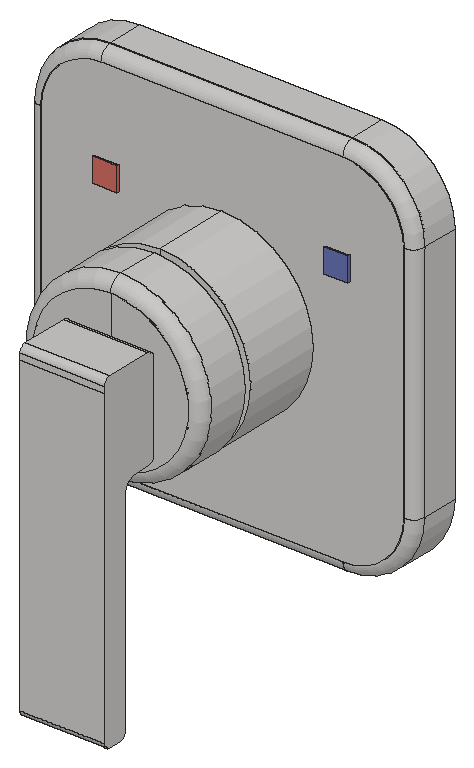
Revit family "CPT-1123", category Plumbing Fixtures, Revit 2023
Family settings
  Round Connector Dimension = Use Diameter
  Part Type = Normal
  OmniClass Number = 23.45.00.00
  OmniClass Title = Sanitary, Laundry, and Cleaning Equipment
  Work Plane-Based = No
  Enable Cutting in Views = No
  Always vertical = Yes
  Cut with Voids When Loaded = No
  Maintain Annotation Orientation = No
  Shared = No
  Room Calculation Point = No
Parameters
  Default Elevation = 0"
Reference planes (in)
  plane 1 "Center (Front/Back)": y = 0
  plane 2: z = 0
  plane 3 "Center (Left/Right)": x = 0
  plane 4: z = 0
  plane 5: z = 4
  plane 6: x = -0.4375
  plane 7: x = 0.4375
  plane 8 "Center L/X": x = -2
  plane 9 "Center L/Y": x = 2
  plane 10: z = 2
  plane 11: z = -1
  plane 12: z = 2.4375
  plane 13: z = -1
  plane 14 "Center L/BB": y = -2.5625
  plane 15 "Center L/CC": y = -0.5
Forms (in)
  Extrusion 1, solid, material "stainless steel"
    sketch origin (0, 0, 0) x (1, 0, 0) y (0, 0, 1)
      loop
        arc (-1.25, 4) -> (-1.78033, 3.78033) -> (-2, 3.25) r 0.75
        line (-2, 3.25) -> (-2, 0.75)
        arc (-2, 0.75) -> (-1.78033, 0.21967) -> (-1.25, 0) r 0.75
        line (-1.25, 0) -> (1.25, 0)
        arc (1.25, 0) -> (1.78033, 0.21967) -> (2, 0.75) r 0.75
        line (2, 0.75) -> (2, 3.25)
        arc (2, 3.25) -> (1.78033, 3.78033) -> (1.25, 4) r 0.75
        line (1.25, 4) -> (-1.25, 4)
    from 0 to 0.37706
  Revolve 2, solid, material "stainless steel"
    sketch origin (0, 0.8125, -1.5) x (0, 1, 0) y (0, 0, 1)
      loop
        line (-1.3128, 3.5) -> (-1.3128, 4.4375) -> (-2.11787, 4.4375) -> (-2.11787, 4.24148) -> (-2.18905, 4.24148) -> (-2.18905, 4.4375) -> (-2.62083, 4.4375)
        arc (-2.62083, 4.4375) -> (-2.71217, 4.39967) -> (-2.75, 4.30833) r 0.12917
        line (-2.75, 4.30833) -> (-2.75, 3.5) -> (-1.3128, 3.5)
      axis (-2.75, 3.5) -> (-1.3128, 3.5)
    angle from 0 to 360
  Extrusion 3, solid, material "stainless steel"
    sketch origin (0, 0.8125, -0.09874) x (0, 1, 0) y (0, 0, 1)
      loop
        line (-2.81542, 2.53624) -> (-3.30958, 2.53624)
        arc (-3.30958, 2.53624) -> (-3.35584, 2.51708) -> (-3.375, 2.47082) r 0.06542
        line (-3.375, 2.47082) -> (-3.375, 2.4065) -> (-3.375, -0.83584)
        arc (-3.375, -0.83584) -> (-3.35584, -0.8821) -> (-3.30958, -0.90126) r 0.06542
        line (-3.30958, -0.90126) -> (-3.18025, -0.90126)
        arc (-3.18025, -0.90126) -> (-3.13399, -0.8821) -> (-3.11483, -0.83584) r 0.06542
        line (-3.11483, -0.83584) -> (-3.11483, 1.35634)
        arc (-3.11483, 1.35634) -> (-3.07502, 1.45245) -> (-2.9789, 1.49226) r 0.13593
        line (-2.9789, 1.49226) -> (-2.81542, 1.49226)
        arc (-2.81542, 1.49226) -> (-2.76916, 1.51142) -> (-2.75, 1.55768) r 0.06542
        line (-2.75, 1.55768) -> (-2.75, 2.47082)
        arc (-2.75, 2.47082) -> (-2.76916, 2.51708) -> (-2.81542, 2.53624) r 0.06542
    from -0.4375 to 0.4375
  Extrusion 4, solid, material "stainless steel"
    sketch origin (0, 0, 0) x (1, 0, 0) y (0, 0, 1)
      loop
        line (-1.875, 3.25) -> (-1.875, 0.75)
        arc (-1.875, 0.75) -> (-1.69194, 0.30806) -> (-1.25, 0.125) r 0.625
        line (-1.25, 0.125) -> (1.25, 0.125)
        arc (1.25, 0.125) -> (1.69194, 0.30806) -> (1.875, 0.75) r 0.625
        line (1.875, 0.75) -> (1.875, 3.25)
        arc (1.875, 3.25) -> (1.69194, 3.69194) -> (1.25, 3.875) r 0.625
        line (1.25, 3.875) -> (-1.25, 3.875)
        arc (-1.25, 3.875) -> (-1.69194, 3.69194) -> (-1.875, 3.25) r 0.625
    from 0.37706 to 0.5
  Extrusion 5, solid, material "red"
    sketch origin (1.05984, -0.12294, -1.6961) x (1, 0, 0) y (0, 0, 1)
      loop
        line (-2.37739, 4.4375) -> (-2.12739, 4.4375) -> (-2.12739, 4.6875) -> (-2.37739, 4.6875) -> (-2.37739, 4.4375)
    from 0 to 0.39814
  Extrusion 6, solid, material "blue"
    sketch origin (3.44493, -0.12294, 7.4289) x (1, 0, 0) y (0, 0, 1)
      loop
        line (-2.37739, -4.4375) -> (-2.37739, -4.6875) -> (-2.12739, -4.6875) -> (-2.12739, -4.4375) -> (-2.37739, -4.4375)
    from 0 to 0.39814
  Sweep 7, solid, material "stainless steel"
    path origin (0, 0, 0) x (1, 0, 0) y (0, 0, 1)
      loop
        line (1.25, 3.875) -> (-1.25, 3.875)
        arc (-1.25, 3.875) -> (-1.69194, 3.69194) -> (-1.875, 3.25) r 0.625
        line (-1.875, 3.25) -> (-1.875, 0.75)
        arc (-1.875, 0.75) -> (-1.69194, 0.30806) -> (-1.25, 0.125) r 0.625
        line (-1.25, 0.125) -> (1.25, 0.125)
        arc (1.25, 0.125) -> (1.69194, 0.30806) -> (1.875, 0.75) r 0.625
        line (1.875, 0.75) -> (1.875, 3.25)
        arc (1.875, 3.25) -> (1.69194, 3.69194) -> (1.25, 3.875) r 0.625
    profile origin (0, 0, 3.875) x (0, 0, -1) y (0, -1, 0)
      loop
        line (-0.12294, 0.37706) -> (0, 0.37706) -> (0, 0.5)
        arc (0, 0.5) -> (-0.08693, 0.46399) -> (-0.12294, 0.37706) r 0.12294
Dimensions and locks (in)
  plane 5 to level = 4"
  plane 7 to plane 6 = 7/8"
  plane 9 "Center L/Y" to plane 8 "Center L/X" = 4"
  plane 11 to plane 12 = 3 7/16"
  plane 13 to plane 5 = 5"
  plane 15 "Center L/CC" to plane 1 "Center (Front/Back)" = 1/2"
  plane 14 "Center L/BB" to plane 1 "Center (Front/Back)" = 2 9/16"
  plane 12 to Extrusion 3 = 3 7/16"
  aligned and locked: level to plane 2
